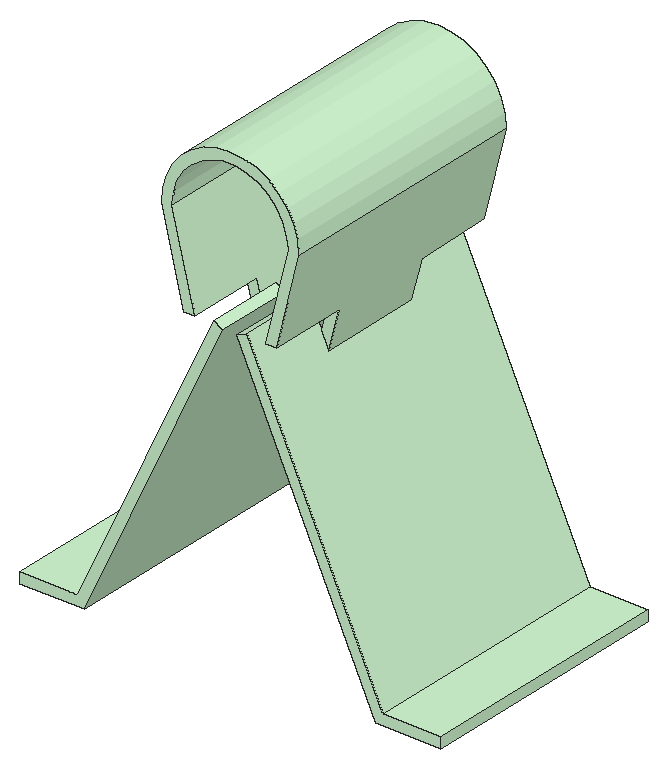
Revit family "岩綿板板オサエ(タコ)", category 機械設備, Revit 2020
Family settings
  丸型コネクタ寸法 = 直径を使用
  種別 = なし
  パーツ タイプ = 標準
  作業面ベース = いいえ
  常に垂直 = はい
  ロード時にボイドで切り取り = いいえ
  共有 = いいえ
  部屋計算ポイント = いいえ
Parameters
  製造元 = "株式会社桐井製作所"
  既定の高さ = 0 mm
  URL = "https://www.kirii.co.jp/"
  K_材質 = "SUS バネ鋼"
  K_品名 = "岩綿板押さえ(タコ)"
  K_名称 = "仕上げ材オサエ"
  K_入数 = "250"
  K_バージョン情報 = "20220411"
Reference planes
  plane 1 "中心(正面/背面)": y = 0
  plane 2: z = 0
  plane 3 "中心(左/右)": x = 0
Forms (mm)
  Extrusion 1, solid
    sketch origin (-96.782, 0, -96.027) x (1, 0, 0) y (0, 0, 1)
      loop
        line (94.073, 115.898) -> (94.849, 116.092) -> (92.282, 126.361)
        arc (92.282, 126.361) -> (96.782, 130.801) -> (101.281, 126.361) r 4.5
        line (101.281, 126.361) -> (98.72, 116.115) -> (99.496, 115.921) -> (102.081, 126.264)
        arc (102.081, 126.264) -> (96.782, 131.601) -> (91.482, 126.264) r 5.3
        line (91.482, 126.264) -> (94.073, 115.898)
    from -10 to 10
  Extrusion 2, void
    sketch origin (-96.782, 0, -96.027) x (0, 1, 0) y (0, 0, 1)
      loop
        line (-10, 119.301) -> (-10, 115.856) -> (-4, 115.856) -> (-4, 119.301) -> (-10, 119.301)
    from 98.655 to 100.373
  Extrusion 3, void
    sketch origin (-195.95, 0, -96.027) x (0, 1, 0) y (0, 0, 1)
      loop
        line (-4, 119.51) -> (-4, 116.18) -> (4, 116.18) -> (4, 119.51) -> (-4, 119.51)
    from 196.44 to 198.76
  Extrusion 4, solid
    sketch origin (-97.281, 0, -96.027) x (1, 0, 0) y (0, 0, 1)
      loop
        line (113.508, 96.027) -> (113.508, 96.827) -> (109.044, 96.827) -> (98.55, 119.436) -> (97.824, 119.099) -> (108.533, 96.027) -> (113.508, 96.027)
    from -10 to 10
  Extrusion 5, void
    sketch origin (96.782, 0, -96.027) x (0, 1, 0) y (0, 0, -1)
      loop
        line (-10, -119.301) -> (-4, -119.301) -> (-4, -115.36) -> (-10, -115.36) -> (-10, -119.301)
    from 98.635 to 100.386
  Extrusion 6, void
    sketch origin (96.782, 0, -96.027) x (0, -1, 0) y (0, 0, 1)
      loop
        line (-10, 119.301) -> (-10, 115.36) -> (-4, 115.36) -> (-4, 119.301) -> (-10, 119.301)
    from 98.635 to 100.386
  Extrusion 7, void
    sketch origin (196.009, 0, -96.027) x (0, 1, 0) y (0, 0, -1)
      loop
        line (-4, -119.51) -> (4, -119.51) -> (4, -116.18) -> (-4, -116.18) -> (-4, -119.51)
    from 196.34 to 198.779
  Extrusion 8, solid
    sketch origin (97.279, 0, -96.027) x (-1, 0, 0) y (0, 0, -1)
      loop
        line (113.508, -96.027) -> (108.533, -96.027) -> (97.824, -119.099) -> (98.55, -119.436) -> (109.044, -96.827) -> (113.508, -96.827) -> (113.508, -96.027)
    from -10 to 10
  Extrusion 9, void
    sketch origin (-96.782, 0, -96.027) x (0, -1, 0) y (0, 0, -1)
      loop
        line (-10, -119.301) -> (-4, -119.301) -> (-4, -115.856) -> (-10, -115.856) -> (-10, -119.301)
    from 98.655 to 100.373
Cuts and joins
  Extrusion 2, Extrusion 5, Extrusion 6, Extrusion 9 cuts Extrusion 1
  Extrusion 3, Extrusion 5, Extrusion 7 cuts Extrusion 4
  Extrusion 7 cuts Extrusion 8
  joined: Extrusion 1, Extrusion 4, Extrusion 8
Dimensions and locks
  aligned and locked: level to plane 2
